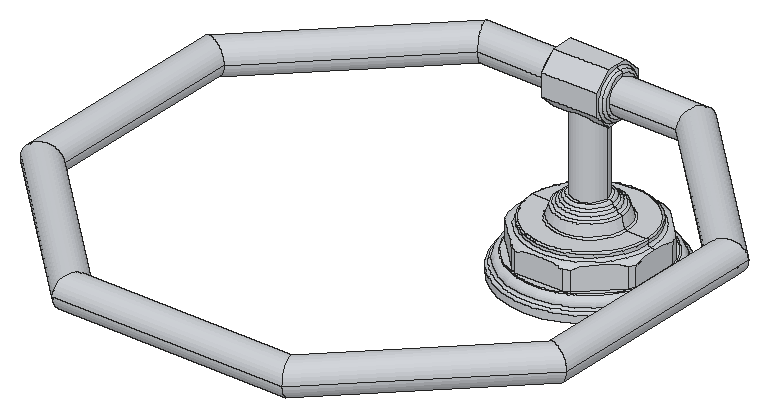
Revit family "Accessory-Towel_Ring-KOHLER-Pinstripe-K-13112_1", category Specialty Equipment, host Face, Revit 2015
Parameters (values of type "CP-Polished Chrome")
  Width = 7 1/2"  # constant formula
  URL = "https://www.us.kohler.com/us/"
  Type = 1
  Product Page URL = "http://www.us.kohler.com/us/catalog/productDetails.jsp?productNumber=13112"
  Product Name = "Pinstripe"  # constant formula
  Product Documentation Link = "http://www.us.kohler.com/onlinecatalog/pdf/K-13112_spec.pdf"
  Model = if(Type = 1, "K-13112-CP", if(Type = 2, "K-13112-SN", if(Type = 3, "K-13112-BN", "NA")))  # "K-13112-CP"
  Material = "Premium Metal Construction"  # constant formula
  MasterFormat 2004 = "10.28.13"  # constant formula
  MasterFormat 1995 = "10820"  # constant formula
  Manufacturer Address = "444 Highland Dr, Kohler, WI 53044"  # constant formula
  Manufacturer = "KOHLER Co."  # constant formula
  Length = 2 11/16"  # constant formula
  Height = 8 3/8"  # constant formula
  Finish = Kohler-Metal-CP-Polished_Chrome
  Environmental Product Declaration = ""
  Description = "Towel ring"  # constant formula
  Default Elevation = 42"
  Declare Label = ""
  Date Modified = "11/27/2018"  # constant formula
  Date Created = "11/27/2018"  # constant formula
  Copyright = "Copyright KOHLER Co."  # constant formula
  Contact Us = "https://www.us.kohler.com/us/static/contact.jsp"
  Assembly Code = "C1030200"
  ADA Compliant = 1 = 0  # no
Types (4): name | Type | Model | Finish
  (no name) | 1 | "K-13112-CP" | Kohler-Metal-CP-Polished_Chrome
  CP-Polished Chrome | 1 | "K-13112-CP" | Kohler-Metal-CP-Polished_Chrome
  SN-Vibrant Polished Nickel | 2 | "K-13112-SN" | Kohler-Metal-SN-Vibrant_Polished_Nickel
  BN-Vibrant Brushed Nickel | 3 | "K-13112-BN" | Kohler-Metal-BN-Vibrant_Brushed_Nickel
Reference planes (in)
  plane 1 "Center (Front/Back)": y = 0
  plane 2: z = 0
  plane 3 "Center (Left/Right)": x = 0
  plane 4: y = 1.125
  plane 5: x = 3.75
  plane 6: y = -1.125
  plane 7: y = -7.25
  plane 8: x = -3.75
  plane 9: z = 2.6875
Dimensions and locks (in)
  "Height": plane 4 to plane 7
  "Length": plane 9 to level
  "Width": plane 8 to plane 5
  aligned and locked: host face to plane 2
  aligned and locked: host face to level
Automatic sketch dimensions
  host sketch curve to host sketch curve = 96"  (x2)
Nested families (in)
  nested 1: "K-13112" at (0, 0, 0), type "K-13112"
Definition of nested family "K-13112"
  Parameters (values of type "K-13112")
    Material = none
  Reference planes (in)
    plane 1 "Center (Front/Back)": y = 0
    plane 2: z = 0
    plane 3 "Center (Left/Right)": x = 0
    plane 4: y = -7.25
    plane 5: x = 3.75
    plane 6: x = -3.75
    plane 7: y = 1.125
    plane 8: z = 2.6875
    plane 9: y = -1.125
  Forms (in)
    Revolve 1, solid, material <- "Material", detail levels medium+fine
      sketch origin (0, 0, 0) x (1, 0, 0) y (0, 0, 1)
        loop
          line (0, 0) -> (0, 2.10357) -> (-0.22508, 2.10357) -> (-0.22508, 0.98875) -> (-0.26874, 0.98875)
          arc (-0.26874, 0.98875) -> (-0.28983, 0.9771) -> (-0.30096, 0.95574) r 0.04172
          arc (-0.30096, 0.95574) -> (-0.3126, 0.934) -> (-0.33459, 0.92281) r 0.04117
          arc (-0.33459, 0.92281) -> (-0.35533, 0.91225) -> (-0.36631, 0.89173) r 0.03883
          arc (-0.36631, 0.89173) -> (-0.38122, 0.86803) -> (-0.40828, 0.86083) r 0.03825
          arc (-0.40828, 0.86083) -> (-0.42677, 0.85654) -> (-0.43837, 0.84151) r 0.02823
          line (-0.43837, 0.84151) -> (-0.48173, 0.70804)
          arc (-0.48173, 0.70804) -> (-0.49122, 0.69499) -> (-0.50656, 0.69) r 0.0261
          line (-0.50656, 0.69) -> (-0.78033, 0.69)
          arc (-0.78033, 0.69) -> (-0.79424, 0.68424) -> (-0.8, 0.67033) r 0.01967
          line (-0.8, 0.67033) -> (-0.8, 0.63048)
          arc (-0.8, 0.63048) -> (-0.81028, 0.60627) -> (-0.83485, 0.59687) r 0.03363
          arc (-0.83485, 0.59687) -> (-0.92055, 0.56408) -> (-0.95644, 0.47962) r 0.11733
          line (-0.95644, 0.47962) -> (-0.95644, 0.29825)
          arc (-0.95644, 0.29825) -> (-0.96325, 0.27902) -> (-0.98064, 0.26834) r 0.03059
          arc (-0.98064, 0.26834) -> (-1.03995, 0.23038) -> (-1.05965, 0.16277) r 0.10023
          arc (-1.05965, 0.16277) -> (-1.06858, 0.13861) -> (-1.0927, 0.12957) r 0.03095
          arc (-1.0927, 0.12957) -> (-1.11551, 0.12151) -> (-1.12517, 0.09933) r 0.03032
          line (-1.12517, 0.09933) -> (-1.12517, 0) -> (0, 0)
        axis (0, 2.10357) -> (0, 0)
      angle from 0 to 360
    Extrusion 2, void
      sketch origin (0, 0, 0) x (1, 0, 0) y (0, 1, 0)
        loop
          circle (0, 0) r 1.12517
        loop
          line (0.31612, 0.88672) -> (-0.32876, 0.88109) -> (-0.40821, 0.84571) -> (-0.85254, 0.39356) -> (-0.88669, 0.31311) -> (-0.88111, -0.32625) -> (-0.84676, -0.40719) -> (-0.39412, -0.85199) -> (-0.31612, -0.88672) -> (0.32876, -0.88109) -> (0.40821, -0.84571) -> (0.85254, -0.39356) -> (0.88669, -0.31311) -> (0.88111, 0.32625) -> (0.84676, 0.40719) -> (0.39412, 0.85199) -> (0.31612, 0.88672)
      from 0.2763 to 0.64452
    Revolve 3, solid, material <- "Material", detail levels medium+fine
      sketch origin (0, 0, 0) x (1, 0, 0) y (0, 0, 1)
        loop
          line (-0.44108, 2.59702) -> (-0.44108, 2.32876) -> (0.44108, 2.32876) -> (0.44108, 2.59702)
          arc (0.44108, 2.59702) -> (0.43182, 2.61937) -> (0.40947, 2.62863) r 0.03161
          arc (0.40947, 2.62863) -> (0.38577, 2.63807) -> (0.37508, 2.66123) r 0.03444
          line (0.37508, 2.66123) -> (0.37508, 2.74106)
          arc (0.37508, 2.74106) -> (0.34939, 2.80308) -> (0.28737, 2.82876) r 0.08771
          line (0.28737, 2.82876) -> (-0.28914, 2.82876)
          arc (-0.28914, 2.82876) -> (-0.34991, 2.80359) -> (-0.37508, 2.74283) r 0.08594
          line (-0.37508, 2.74283) -> (-0.37508, 2.66123)
          arc (-0.37508, 2.66123) -> (-0.38577, 2.63807) -> (-0.40947, 2.62863) r 0.03444
          arc (-0.40947, 2.62863) -> (-0.43182, 2.61937) -> (-0.44108, 2.59702) r 0.03161
        axis (-0.44108, 2.32876) -> (0.44108, 2.32876)
      angle from 0 to 360
    Extrusion 4, void
      sketch origin (0, 0, 0) x (0, 1, 0) y (0, 0, 1)
        loop
          circle (0, 2.33332) r 0.63096
        loop
          line (-0.1431, 2.6875) -> (-0.35163, 2.48258) -> (-0.35418, 2.19023) -> (-0.14926, 1.9817) -> (0.1431, 1.97915) -> (0.35163, 2.18407) -> (0.35418, 2.47642) -> (0.14675, 2.6875) -> (-0.1431, 2.6875)
      from -0.84676 to 0.84676
    Sweep 5, solid, material <- "Material", detail levels medium+fine
      path origin (0, 0, 0) x (1, 0, 0) y (0, 1, 0)
        loop
          line (-0.37508, 0.22508) -> (-1.55337, 0.22508) -> (-3.75, -1.97155) -> (-3.75, -5.07958) -> (-1.57958, -7.25) -> (1.57915, -7.25) -> (3.75, -5.07915) -> (3.75, -1.9717) -> (1.55322, 0.22508) -> (0.37508, 0.22508)
      profile origin (-0.00021, -7.25, 0) x (0, 1, 0) y (0, 0, 1)
        loop
          circle (0.22609, 2.3312) r 0.22609
    Extrusion 6, solid, material <- "Material", detail levels coarse
      sketch origin (0, 0, 0) x (1, 0, 0) y (0, 1, 0)
        loop
          circle (0, 0) r 1.125
      from 0 to 0.70653
    Extrusion 7, solid, material <- "Material", detail levels coarse
      sketch origin (0, 0, 0) x (1, 0, 0) y (0, 1, 0)
        loop
          circle (0, 0) r 0.5
      from 0.70653 to 2.6875
    Extrusion 8, solid, material <- "Material", detail levels coarse
      sketch origin (0, 0, 0) x (1, 0, 0) y (0, 1, 0)
        loop
          line (-3.75, 0.22477) -> (-3.75, -7.25) -> (3.75, -7.25) -> (3.75, 0.22477) -> (0.34439, 0.22477) -> (0.34439, -0.26825) -> (3.31382, -0.26825) -> (3.31382, -6.76825) -> (-3.32334, -6.76825) -> (-3.32334, -0.26825) -> (-0.32334, -0.26825) -> (-0.32334, 0.22477) -> (-3.75, 0.22477)
      from 2.09271 to 2.56054
  Cuts and joins
    Extrusion 2 cuts Revolve 1
    Extrusion 4 cuts Revolve 3
    joined: Revolve 1, Revolve 3, Sweep 5
    joined: Extrusion 6, Extrusion 7, Extrusion 8
  Lines and regions (in)
    Masking region 1
      outline origin (0, 0, 0) x (1, 0, 0) y (0, 1, 0)
        loop
          arc (0, 1.125) -> (-0.71148, 0.87145) -> (-1.10225, 0.22508) r 1.125
          line (-1.10225, 0.22508) -> (-1.55337, 0.22508) -> (-3.75, -1.97155) -> (-3.75, -5.08106) -> (-1.58106, -7.25) -> (1.58106, -7.25) -> (3.75, -5.08106) -> (3.75, -1.97007) -> (1.55485, 0.22508) -> (1.10225, 0.22508)
          arc (1.10225, 0.22508) -> (0.71148, 0.87145) -> (0, 1.125) r 1.125
        loop
          arc (0, -1.125) -> (-0.71068, -0.8721) -> (-1.10184, -0.22711) r 1.125
          line (-1.10184, -0.22711) -> (-1.36606, -0.22711) -> (-3.29782, -2.15887) -> (-3.29782, -4.89228) -> (-1.39234, -6.79775) -> (1.39192, -6.79775) -> (3.29782, -4.89186) -> (3.29782, -2.159) -> (1.36592, -0.22711) -> (1.10184, -0.22711)
          arc (1.10184, -0.22711) -> (0.71068, -0.8721) -> (0, -1.125) r 1.125
    Masking region 2
      outline origin (0, 0, 0) x (0, 1, 0) y (0, 0, 1)
        loop
          line (1.125, 0) -> (1.125, 0.09997)
          arc (1.125, 0.09997) -> (1.11529, 0.12211) -> (1.09244, 0.12996) r 0.03009
          arc (1.09244, 0.12996) -> (1.06915, 0.13829) -> (1.06005, 0.16129) r 0.02996
          arc (1.06005, 0.16129) -> (1.03506, 0.23698) -> (0.96572, 0.2763) r 0.11081
          line (0.96572, 0.2763) -> (0.88672, 0.2763) -> (0.88672, 0.58747)
          arc (0.88672, 0.58747) -> (0.85937, 0.59474) -> (0.83117, 0.59719) r 0.16357
          arc (0.83117, 0.59719) -> (0.80924, 0.60628) -> (0.80015, 0.62821) r 0.03102
          line (0.80015, 0.62821) -> (0.80015, 0.66869)
          arc (0.80015, 0.66869) -> (0.79467, 0.68311) -> (0.781, 0.69027) r 0.02173
          line (0.781, 0.69027) -> (0.50582, 0.69027)
          arc (0.50582, 0.69027) -> (0.49101, 0.69508) -> (0.48185, 0.70768) r 0.02521
          line (0.48185, 0.70768) -> (0.43861, 0.84077)
          arc (0.43861, 0.84077) -> (0.42649, 0.85659) -> (0.40713, 0.86131) r 0.02995
          arc (0.40713, 0.86131) -> (0.3808, 0.86873) -> (0.36659, 0.8921) r 0.03735
          arc (0.36659, 0.8921) -> (0.35614, 0.91237) -> (0.33599, 0.92302) r 0.03805
          arc (0.33599, 0.92302) -> (0.31247, 0.9352) -> (0.29972, 0.9584) r 0.04548
          arc (0.29972, 0.9584) -> (0.28883, 0.97827) -> (0.26874, 0.98875) r 0.03905
          line (0.26874, 0.98875) -> (0.22508, 0.98875) -> (0.22508, 2.05693) -> (0.35188, 2.18373) -> (0.35188, 2.47878) -> (0.14316, 2.6875) -> (-0.14344, 2.6875) -> (-0.27367, 2.55728) -> (-7.02474, 2.55728)
          arc (-7.02474, 2.55728) -> (-7.18402, 2.4913) -> (-7.25, 2.33202) r 0.22526
          arc (-7.25, 2.33202) -> (-7.1835, 2.17149) -> (-7.02297, 2.10499) r 0.22703
          line (-7.02297, 2.10499) -> (-0.27042, 2.10499) -> (-0.22508, 2.05965) -> (-0.22508, 0.98875) -> (-0.26874, 0.98875)
          arc (-0.26874, 0.98875) -> (-0.28883, 0.97827) -> (-0.29972, 0.9584) r 0.03905
          arc (-0.29972, 0.9584) -> (-0.31247, 0.9352) -> (-0.33599, 0.92302) r 0.04548
          arc (-0.33599, 0.92302) -> (-0.35614, 0.91237) -> (-0.36659, 0.8921) r 0.03805
          arc (-0.36659, 0.8921) -> (-0.3808, 0.86873) -> (-0.40713, 0.86131) r 0.03735
          arc (-0.40713, 0.86131) -> (-0.42649, 0.85659) -> (-0.43861, 0.84077) r 0.02995
          line (-0.43861, 0.84077) -> (-0.48185, 0.70768)
          arc (-0.48185, 0.70768) -> (-0.49101, 0.69508) -> (-0.50582, 0.69027) r 0.02521
          line (-0.50582, 0.69027) -> (-0.781, 0.69027)
          arc (-0.781, 0.69027) -> (-0.79467, 0.68311) -> (-0.80015, 0.66869) r 0.02173
          line (-0.80015, 0.66869) -> (-0.80015, 0.62821)
          arc (-0.80015, 0.62821) -> (-0.80924, 0.60628) -> (-0.83117, 0.59719) r 0.03102
          arc (-0.83117, 0.59719) -> (-0.85937, 0.59474) -> (-0.88672, 0.58747) r 0.16357
          line (-0.88672, 0.58747) -> (-0.88672, 0.2763) -> (-0.96572, 0.2763)
          arc (-0.96572, 0.2763) -> (-1.03506, 0.23698) -> (-1.06005, 0.16129) r 0.11081
          arc (-1.06005, 0.16129) -> (-1.06915, 0.13829) -> (-1.09244, 0.12996) r 0.02996
          arc (-1.09244, 0.12996) -> (-1.11529, 0.12211) -> (-1.125, 0.09997) r 0.03009
          line (-1.125, 0.09997) -> (-1.125, 0) -> (1.125, 0)
    Masking region 3
      outline origin (0, 0, 0) x (1, 0, 0) y (0, 0, 1)
        loop
          line (1.12517, 0) -> (1.12517, 0.09997)
          arc (1.12517, 0.09997) -> (1.11547, 0.12211) -> (1.09261, 0.12996) r 0.03009
          arc (1.09261, 0.12996) -> (1.06932, 0.13829) -> (1.06023, 0.16129) r 0.02996
          arc (1.06023, 0.16129) -> (1.03523, 0.23698) -> (0.96589, 0.2763) r 0.11081
          line (0.96589, 0.2763) -> (0.88669, 0.2763) -> (0.88669, 0.58754)
          arc (0.88669, 0.58754) -> (0.85943, 0.59476) -> (0.83134, 0.59719) r 0.16357
          arc (0.83134, 0.59719) -> (0.80941, 0.60628) -> (0.80033, 0.62821) r 0.03102
          line (0.80033, 0.62821) -> (0.80033, 0.66869)
          arc (0.80033, 0.66869) -> (0.79485, 0.68311) -> (0.78117, 0.69027) r 0.02173
          line (0.78117, 0.69027) -> (0.50599, 0.69027)
          arc (0.50599, 0.69027) -> (0.49118, 0.69508) -> (0.48202, 0.70768) r 0.02521
          line (0.48202, 0.70768) -> (0.43878, 0.84077)
          arc (0.43878, 0.84077) -> (0.42666, 0.85659) -> (0.4073, 0.86131) r 0.02995
          arc (0.4073, 0.86131) -> (0.38097, 0.86873) -> (0.36676, 0.8921) r 0.03735
          arc (0.36676, 0.8921) -> (0.35632, 0.91237) -> (0.33616, 0.92302) r 0.03805
          arc (0.33616, 0.92302) -> (0.31265, 0.9352) -> (0.29989, 0.9584) r 0.04548
          arc (0.29989, 0.9584) -> (0.289, 0.97827) -> (0.26891, 0.98875) r 0.03905
          line (0.26891, 0.98875) -> (0.22508, 0.98875) -> (0.22508, 1.96903) -> (0.37892, 1.96903) -> (0.37892, 2.00044)
          arc (0.37892, 2.00044) -> (0.38777, 2.02042) -> (0.40851, 2.02729) r 0.02698
          arc (0.40851, 2.02729) -> (0.42721, 2.03083) -> (0.44108, 2.04385) r 0.03402
          line (0.44108, 2.04385) -> (0.44108, 2.1051) -> (3.52303, 2.1051)
          arc (3.52303, 2.1051) -> (3.68352, 2.17158) -> (3.75, 2.33207) r 0.22697
          arc (3.75, 2.33207) -> (3.684, 2.4914) -> (3.52468, 2.55739) r 0.22532
          line (3.52468, 2.55739) -> (0.44108, 2.55739) -> (0.44108, 2.61016)
          arc (0.44108, 2.61016) -> (0.42712, 2.62503) -> (0.40716, 2.62924) r 0.03402
          arc (0.40716, 2.62924) -> (0.38642, 2.63612) -> (0.37757, 2.6561) r 0.02698
          line (0.37757, 2.6561) -> (0.37757, 2.6875) -> (-0.37735, 2.6875) -> (-0.37735, 2.6561)
          arc (-0.37735, 2.6561) -> (-0.3862, 2.63612) -> (-0.40694, 2.62924) r 0.02698
          arc (-0.40694, 2.62924) -> (-0.42712, 2.6249) -> (-0.44108, 2.60969) r 0.03402
          line (-0.44108, 2.60969) -> (-0.44108, 2.55739) -> (-3.52468, 2.55739)
          arc (-3.52468, 2.55739) -> (-3.684, 2.4914) -> (-3.75, 2.33207) r 0.22532
          arc (-3.75, 2.33207) -> (-3.68352, 2.17158) -> (-3.52303, 2.1051) r 0.22697
          line (-3.52303, 2.1051) -> (-0.44108, 2.1051) -> (-0.44108, 2.04453)
          arc (-0.44108, 2.04453) -> (-0.42716, 2.03101) -> (-0.40812, 2.02729) r 0.03402
          arc (-0.40812, 2.02729) -> (-0.38738, 2.02042) -> (-0.37853, 2.00044) r 0.02698
          line (-0.37853, 2.00044) -> (-0.37853, 1.96903) -> (-0.22508, 1.96903) -> (-0.22508, 0.98875) -> (-0.26857, 0.98875)
          arc (-0.26857, 0.98875) -> (-0.28866, 0.97827) -> (-0.29955, 0.9584) r 0.03905
          arc (-0.29955, 0.9584) -> (-0.3123, 0.9352) -> (-0.33582, 0.92302) r 0.04548
          arc (-0.33582, 0.92302) -> (-0.35597, 0.91237) -> (-0.36642, 0.8921) r 0.03805
          arc (-0.36642, 0.8921) -> (-0.38063, 0.86873) -> (-0.40695, 0.86131) r 0.03735
          arc (-0.40695, 0.86131) -> (-0.42632, 0.85659) -> (-0.43843, 0.84077) r 0.02995
          line (-0.43843, 0.84077) -> (-0.48168, 0.70768)
          arc (-0.48168, 0.70768) -> (-0.49083, 0.69508) -> (-0.50565, 0.69027) r 0.02521
          line (-0.50565, 0.69027) -> (-0.78082, 0.69027)
          arc (-0.78082, 0.69027) -> (-0.7945, 0.68311) -> (-0.79998, 0.66869) r 0.02173
          line (-0.79998, 0.66869) -> (-0.79998, 0.62821)
          arc (-0.79998, 0.62821) -> (-0.80907, 0.60628) -> (-0.831, 0.59719) r 0.03102
          arc (-0.831, 0.59719) -> (-0.85927, 0.59473) -> (-0.88669, 0.58742) r 0.16357
          line (-0.88669, 0.58742) -> (-0.88669, 0.2763) -> (-0.96555, 0.2763)
          arc (-0.96555, 0.2763) -> (-1.03488, 0.23698) -> (-1.05988, 0.16129) r 0.11081
          arc (-1.05988, 0.16129) -> (-1.06898, 0.13829) -> (-1.09227, 0.12996) r 0.02996
          arc (-1.09227, 0.12996) -> (-1.11512, 0.12211) -> (-1.12483, 0.09997) r 0.03009
          line (-1.12483, 0.09997) -> (-1.12483, 0) -> (1.12517, 0)
    symbolic lines, detail levels medium+fine
      curve 1: line (-0.88741, 0.22477, 0) -> (-0.88741, 0.31336, 0)
      curve 2: line (-0.88741, 0.31336, 0) -> (-0.85399, 0.39209, 0)
      curve 3: line (-0.85399, 0.39209, 0) -> (-0.40821, 0.84571, 0)
      curve 4: line (-0.32876, 0.88109, 0) -> (0.31612, 0.88672, 0)
      curve 5: line (-0.40821, 0.84571, 0) -> (-0.32876, 0.88109, 0)
      curve 6: line (0.88741, 0.22477, 0) -> (0.88741, 0.31336, 0)
      curve 7: line (0.88741, 0.31336, 0) -> (0.85399, 0.39209, 0)
      curve 8: line (0.85399, 0.39209, 0) -> (0.40821, 0.84571, 0)
      curve 9: line (0.40821, 0.84571, 0) -> (0.31612, 0.88672, 0)
      curve 10: line (-0.88741, -0.22708, 0) -> (-0.88741, -0.31336, 0)
      curve 11: line (-0.88741, -0.31336, 0) -> (-0.85399, -0.39209, 0)
      curve 12: line (-0.85399, -0.39209, 0) -> (-0.40821, -0.84571, 0)
      curve 13: line (-0.32876, -0.88109, 0) -> (0.31612, -0.88672, 0)
      curve 14: line (-0.40821, -0.84571, 0) -> (-0.32876, -0.88109, 0)
      curve 15: line (0.88741, -0.22708, 0) -> (0.88741, -0.31336, 0)
      curve 16: line (0.88741, -0.31336, 0) -> (0.85399, -0.39209, 0)
      curve 17: line (0.85399, -0.39209, 0) -> (0.40821, -0.84571, 0)
      curve 18: line (0.40821, -0.84571, 0) -> (0.31612, -0.88672, 0)
      curve 19: arc (0.93865, -0.22708, 0) -> (0, -0.96572, 0) -> (-0.93865, -0.22708, 0) r 0.96572
      curve 20: line (0.44108, 0.26825, 0) -> (0.44108, 0, 0)
      curve 21: line (0.44108, 0, 0) -> (0.44108, -0.26825, 0)
      curve 22: line (-0.44108, 0, 0) -> (-0.44108, -0.26825, 0)
      curve 23: line (-0.44108, 0.26825, 0) -> (-0.44108, 0, 0)
      curve 24: line (1.10137, -0.22708, 0) -> (0.44108, -0.22708, 0)
      curve 25: line (1.10137, 0.22477, 0) -> (0.44108, 0.22477, 0)
      curve 26: line (-1.10137, -0.22708, 0) -> (-0.44108, -0.22708, 0)
      curve 27: line (-1.10137, 0.22477, 0) -> (-0.44108, 0.22477, 0)
      curve 28: arc (0.9392, 0.22477, 0) -> (0, 0.96572, 0) -> (-0.9392, 0.22477, 0) r 0.96572
      curve 29: line (-1.55337, 0.22508, 0) -> (-1.36607, -0.22712, 0)
      curve 30: line (-3.29782, -2.15887, 0) -> (-3.75, -1.97155, 0)
      curve 31: line (-3.29782, -4.89228, 0) -> (-3.75, -5.08106, 0)
      curve 32: line (-1.39234, -6.79775, 0) -> (-1.58106, -7.25, 0)
      curve 33: line (1.55337, 0.22508, 0) -> (1.36607, -0.22712, 0)
      curve 34: line (3.29782, -4.89228, 0) -> (3.75, -5.08106, 0)
      curve 35: line (1.39234, -6.79775, 0) -> (1.58106, -7.25, 0)
      curve 36: line (3.75, -1.97007, 0) -> (3.29782, -2.159, 0)
      curve 37: arc (-0.40901, 0.30032, 0) -> (-0.43169, 0.29093, 0) -> (-0.44108, 0.26825, 0) r 0.03207
      curve 38: arc (-0.37508, 0.33081, 0) -> (-0.3862, 0.30907, 0) -> (-0.40901, 0.30032, 0) r 0.03412
      curve 39: line (-0.37508, 0.33081, 0) -> (-0.37508, 0.36176, 0)
      curve 40: line (-0.37508, 0.36176, 0) -> (0.37508, 0.36176, 0)
      curve 41: arc (0.40901, 0.30032, 0) -> (0.43169, 0.29093, 0) -> (0.44108, 0.26825, 0) r 0.03207
      curve 42: arc (0.37508, 0.33081, 0) -> (0.3862, 0.30907, 0) -> (0.40901, 0.30032, 0) r 0.03412
      curve 43: line (0.37508, 0.33081, 0) -> (0.37508, 0.36176, 0)
      curve 44: arc (-0.40901, -0.30032, 0) -> (-0.43169, -0.29093, 0) -> (-0.44108, -0.26825, 0) r 0.03207
      curve 45: arc (-0.37508, -0.33081, 0) -> (-0.3862, -0.30907, 0) -> (-0.40901, -0.30032, 0) r 0.03412
      curve 46: line (-0.37508, -0.33081, 0) -> (-0.37508, -0.36176, 0)
      curve 47: line (-0.37508, -0.36176, 0) -> (0.37508, -0.36176, 0)
      curve 48: arc (0.40901, -0.30032, 0) -> (0.43169, -0.29093, 0) -> (0.44108, -0.26825, 0) r 0.03207
      curve 49: arc (0.37508, -0.33081, 0) -> (0.3862, -0.30907, 0) -> (0.40901, -0.30032, 0) r 0.03412
      curve 50: line (0.37508, -0.33081, 0) -> (0.37508, -0.36176, 0)
      curve 51: line (-0.3708, 0.1431, 0) -> (0.37018, 0.1431, 0)
      curve 52: line (-0.3708, -0.14926, 0) -> (0.3708, -0.14926, 0)
      curve 53: arc (-0.37018, 0.1431, 0) -> (-0.37583, 0.25243, 0) -> (-0.37018, 0.36176, 0) r 1.06077
      curve 54: arc (-0.3708, -0.14926, 0) -> (-0.37582, -0.25552, 0) -> (-0.37018, -0.36176, 0) r 1.06077
      curve 55: arc (-0.3708, -0.14926, 0) -> (-0.38505, -0.00308, 0) -> (-0.3708, 0.1431, 0) r 0.75664
      curve 56: arc (0.37018, 0.1431, 0) -> (0.37583, 0.25243, 0) -> (0.37018, 0.36176, 0) r 1.06077
      curve 57: arc (0.3708, -0.14926, 0) -> (0.37582, -0.25552, 0) -> (0.37018, -0.36176, 0) r 1.06077
      curve 58: arc (0.3708, -0.14926, 0) -> (0.38505, -0.00203, 0) -> (0.37039, 0.14516, 0) r 0.75664
      curve 59: line (0, 1.09244, 0.12996) -> (0, -1.09244, 0.12996)
      curve 60: line (0, 0.88672, 0.2763) -> (0, -0.85199, 0.2763)
      curve 61: line (0, 0.83117, 0.59719) -> (0, -0.83117, 0.59719)
      curve 62: line (0, 0.85199, 0.2763) -> (0, 0.85199, 0.5416)
      curve 63: line (0, 0.39356, 0.2763) -> (0, 0.39356, 0.5416)
      curve 64: line (0, 0.32625, 0.2763) -> (0, 0.32625, 0.54023)
      curve 65: line (0, -0.85199, 0.2763) -> (0, -0.85199, 0.54117)
      curve 66: line (0, -0.39356, 0.2763) -> (0, -0.39356, 0.54117)
      curve 67: line (0, -0.32625, 0.2763) -> (0, -0.32625, 0.54023)
      curve 68: arc (0, 0.85199, 0.5416) -> (0, 0.62277, 0.58713) -> (0, 0.39356, 0.5416) r 0.59977
      curve 69: arc (0, 0.32625, 0.54023) -> (0, 0, 0.58804) -> (0, -0.32625, 0.54023) r 1.13701
      curve 70: arc (0, -0.39356, 0.54117) -> (0, -0.62277, 0.58934) -> (0, -0.85199, 0.54117) r 0.56947
      curve 71: line (0, 0.50582, 0.69027) -> (0, -0.50582, 0.69027)
      curve 72: line (0, 0.40713, 0.86131) -> (0, -0.40713, 0.86131)
      curve 73: line (0, 0.33599, 0.92302) -> (0, -0.33599, 0.92302)
      curve 74: line (0, 0.22508, 0.98875) -> (0, -0.22508, 0.98875)
      curve 75: line (0, -0.27367, 2.55728) -> (0, 0.00124, 2.55728)
      curve 76: line (0, -0.27042, 2.10499) -> (0, 0.00124, 2.10499)
      curve 77: arc (0, 0.00124, 2.55728) -> (0, 0.22738, 2.33113) -> (0, 0.00124, 2.10499) r 0.22614
      curve 78: line (0, 0.14679, 1.97864) -> (0, -0.14881, 1.97864)
      curve 79: line (0, -0.14881, 1.97864) -> (0, -0.22508, 2.05965)
      curve 80: line (0, 0.22508, 2.05693) -> (0, 0.14679, 1.97864)
      curve 81: arc (0, -0.24589, 2.10499) -> (0, 0.33245, 2.32553) -> (0, -0.24149, 2.55728) r 0.33247
      curve 82: spline (0, -4.98255, 2.55728) -> (0, -5.00678, 2.54957) -> (0, -5.02935, 2.52698) -> (0, -5.04874, 2.49104) -> (0, -5.06361, 2.44421) -> (0, -5.07296, 2.38966) -> (0, -5.07615, 2.33113) -> (0, -5.07296, 2.2726) -> (0, -5.06361, 2.21806) -> (0, -5.04874, 2.17123) -> (0, -5.02935, 2.13529) -> (0, -5.00678, 2.1127) -> (0, -4.98255, 2.10499)
      curve 83: line (-1.09227, 0, 0.12996) -> (1.09261, 0, 0.12996)
      curve 84: line (-0.88669, 0, 0.2763) -> (0.88689, 0, 0.2763)
      curve 85: line (-0.831, 0, 0.59719) -> (0.83134, 0, 0.59719)
      curve 86: line (-0.50565, 0, 0.69027) -> (0.50599, 0, 0.69027)
      curve 87: line (-0.40695, 0, 0.86131) -> (0.4073, 0, 0.86131)
      curve 88: line (-0.33582, 0, 0.92302) -> (0.33616, 0, 0.92302)
      curve 89: line (-0.22508, 0, 0.98875) -> (0.22508, 0, 0.98875)
      curve 90: line (-0.22508, 0, 1.96903) -> (-0.15911, 0, 1.96903)
      curve 91: line (-0.44108, 0, 2.55729) -> (-0.44108, 0, 2.10511)
      curve 92: line (0.44108, 0, 2.55729) -> (0.44108, 0, 2.1051)
      curve 93: line (-0.37508, 0, 2.48258) -> (0.37508, 0, 2.48258)
      curve 94: line (-0.37508, 0, 2.18407) -> (0.37508, 0, 2.18407)
      curve 95: line (-0.85254, 0, 0.54117) -> (-0.85254, 0, 0.2763)
      curve 96: line (-0.39412, 0, 0.54117) -> (-0.39412, 0, 0.2763)
      curve 97: line (-0.32911, 0, 0.53986) -> (-0.32911, 0, 0.2763)
      curve 98: line (0.32876, 0, 0.53986) -> (0.32876, 0, 0.2763)
      curve 99: line (0.3939, 0, 0.5426) -> (0.3939, 0, 0.2763)
      curve 100: line (0.85254, 0, 0.5426) -> (0.85254, 0, 0.2763)
      curve 101: arc (-0.85254, 0, 0.54117) -> (-0.62333, 0, 0.57876) -> (-0.39412, 0, 0.54117) r 0.71763
      curve 102: arc (-0.32911, 0, 0.53986) -> (-0.00018, 0, 0.57592) -> (0.32876, 0, 0.53986) r 1.51846
      curve 103: arc (0.3939, 0, 0.5426) -> (0.62322, 0, 0.5728) -> (0.85254, 0, 0.5426) r 0.88597
      curve 104: arc (-0.15911, 0, 1.96903) -> (-0.00009, 0, 2.02532) -> (0.15893, 0, 1.96903) r 0.2528
      curve 105: line (0.22508, 0, 1.96903) -> (0.15893, 0, 1.96903)
      curve 106: arc (0.37508, 0, 2.18407) -> (0.39586, 0, 2.33332) -> (0.37508, 0, 2.48258) r 0.54645
      curve 107: arc (0.37508, 0, 2.48258) -> (0.37998, 0, 2.58504) -> (0.37508, 0, 2.6875) r 1.07374
      curve 108: arc (0.37508, 0, 2.18407) -> (0.38268, 0, 2.07655) -> (0.37508, 0, 1.96903) r 0.76458
      curve 109: arc (-0.37508, 0, 2.18407) -> (-0.39586, 0, 2.33332) -> (-0.37508, 0, 2.48258) r 0.54645
      curve 110: arc (-0.37508, 0, 2.48258) -> (-0.37998, 0, 2.58504) -> (-0.37508, 0, 2.6875) r 1.07374
      curve 111: arc (-0.37508, 0, 2.18407) -> (-0.38268, 0, 2.07655) -> (-0.37508, 0, 1.96903) r 0.76458
      curve 112: spline (1.4872, 0, 2.55739) -> (1.51013, 0, 2.54969) -> (1.5315, 0, 2.52709) -> (1.54985, 0, 2.49116) -> (1.56393, 0, 2.44432) -> (1.57278, 0, 2.38978) -> (1.5758, 0, 2.33125) -> (1.57278, 0, 2.27272) -> (1.56393, 0, 2.21818) -> (1.54985, 0, 2.17134) -> (1.5315, 0, 2.1354) -> (1.51013, 0, 2.11281) -> (1.4872, 0, 2.1051)
      curve 113: spline (-1.4872, 0, 2.55739) -> (-1.51013, 0, 2.54969) -> (-1.5315, 0, 2.52709) -> (-1.54985, 0, 2.49116) -> (-1.56393, 0, 2.44432) -> (-1.57278, 0, 2.38978) -> (-1.5758, 0, 2.33125) -> (-1.57278, 0, 2.27272) -> (-1.56393, 0, 2.21818) -> (-1.54985, 0, 2.17134) -> (-1.5315, 0, 2.1354) -> (-1.51013, 0, 2.11281) -> (-1.4872, 0, 2.1051)
      curve 114: spline (0, -2.06616, 2.55728) -> (0, -2.04305, 2.54957) -> (0, -2.02152, 2.52698) -> (0, -2.00303, 2.49104) -> (0, -1.98885, 2.44421) -> (0, -1.97993, 2.38966) -> (0, -1.97689, 2.33113) -> (0, -1.97993, 2.2726) -> (0, -1.98885, 2.21806) -> (0, -2.00303, 2.17123) -> (0, -2.02152, 2.13529) -> (0, -2.04305, 2.1127) -> (0, -2.06616, 2.10499)
  Dimensions and locks (in)
    aligned and locked: level to plane 2
